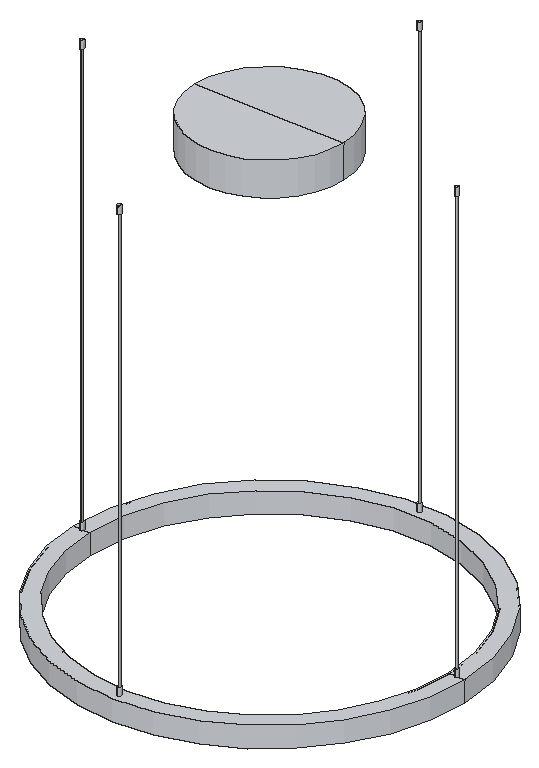
Revit family "Alcon-12253-Revit-Family", category Generic Models, host Ceiling, Revit 2025
Family settings
  Host = Ceiling
  Can host rebar = No
  Round Connector Dimension = Use Diameter
  Part Type = Normal
  Always vertical = Yes
  Cut with Voids When Loaded = No
  Maintain Annotation Orientation = No
  Shared = No
  Room Calculation Point = No
Parameters
  Default Elevation = 0' - 0"
Reference planes (in)
  plane 1 "Center (Front/Back)": y = 0
  plane 2 "Ceiling": z = 96
  plane 3 "Center (Left/Right)": x = 0
Forms (in)
  Revolve 1, solid
    sketch origin (0, 0, 0) x (1, 0, 0) y (0, 0, 1)
      loop
        line (0, 96) -> (0, 93.75) -> (5, 93.75) -> (5, 96) -> (0, 96)
      axis (0, 96) -> (0, 93.75)
    angle from 0 to 360
  Revolve 2, solid
    sketch origin (0, 0, 0) x (1, 0, 0) y (0, 0, 1)
      loop
        line (12, 66.65) -> (12, 65.25) -> (12.0625, 65.25) -> (12.0625, 66.5875) -> (13.0375, 66.5875) -> (13.0375, 65.25) -> (13.1, 65.25) -> (13.1, 66.65) -> (12, 66.65)
      axis (0, 65.25) -> (0, 66.65)
    angle from 0 to 360
  Revolve 3, solid
    sketch origin (0, 0, 0) x (1, 0, 0) y (0, 0, 1)
      loop
        line (12.0625, 65.25) -> (13.0375, 65.25) -> (13.0375, 65.3125) -> (12.0625, 65.3125) -> (12.0625, 65.25)
      axis (0, 65.25) -> (0, 65.3125)
    angle from 0 to 360
  Revolve 4, solid
    sketch origin (0, -25.1, 0) x (0, 1, 0) y (0, 0, 1)
      loop
        line (12.55011, 66.65) -> (12.67511, 66.65) -> (12.67511, 67.1208) -> (12.55011, 67.1208) -> (12.55011, 66.65)
      axis (12.55011, 67.1208) -> (12.55011, 66.65)
    angle from 0 to 360
  Extrusion 5, solid
    sketch origin (0, -12.55, 92.90344) x (0, 1, 0) y (1, 0, 0)
      loop
        circle (0, 0) r 0.04922
    from -2.62576 to 25.78265
  Revolve 6, solid
    sketch origin (0, -25.1, 28.8792) x (0, 1, 0) y (0, 0, 1)
      loop
        line (12.55011, 66.65) -> (12.67511, 66.65) -> (12.67511, 67.1208) -> (12.55011, 67.1208) -> (12.55011, 66.65)
      axis (12.55011, 67.1208) -> (12.55011, 66.65)
    angle from 0 to 360
  Revolve 7, solid
    sketch origin (0, 0.00244, 0) x (0, 1, 0) y (0, 0, 1)
      loop
        line (12.55011, 66.65) -> (12.67511, 66.65) -> (12.67511, 67.1208) -> (12.55011, 67.1208) -> (12.55011, 66.65)
      axis (12.55011, 67.1208) -> (12.55011, 66.65)
    angle from 0 to 360
  Extrusion 8, solid
    sketch origin (0, 12.55244, 92.90344) x (0, 1, 0) y (1, 0, 0)
      loop
        circle (0, 0) r 0.04922
    from -2.62576 to 25.78265
  Revolve 9, solid
    sketch origin (0, 0.00244, 28.8792) x (0, 1, 0) y (0, 0, 1)
      loop
        line (12.55011, 66.65) -> (12.67511, 66.65) -> (12.67511, 67.1208) -> (12.55011, 67.1208) -> (12.55011, 66.65)
      axis (12.55011, 67.1208) -> (12.55011, 66.65)
    angle from 0 to 360
  Revolve 10, solid
    sketch origin (12.54785, -12.55011, 0) x (0, 1, 0) y (0, 0, 1)
      loop
        line (12.55011, 66.65) -> (12.67511, 66.65) -> (12.67511, 67.1208) -> (12.55011, 67.1208) -> (12.55011, 66.65)
      axis (12.55011, 67.1208) -> (12.55011, 66.65)
    angle from 0 to 360
  Extrusion 11, solid
    sketch origin (12.54785, -0.00011, 92.90344) x (0, 1, 0) y (1, 0, 0)
      loop
        circle (0, 0) r 0.04922
    from -2.62576 to 25.78265
  Revolve 12, solid
    sketch origin (12.54785, -12.55011, 28.8792) x (0, 1, 0) y (0, 0, 1)
      loop
        line (12.55011, 66.65) -> (12.67511, 66.65) -> (12.67511, 67.1208) -> (12.55011, 67.1208) -> (12.55011, 66.65)
      axis (12.55011, 67.1208) -> (12.55011, 66.65)
    angle from 0 to 360
  Revolve 13, solid
    sketch origin (-12.55215, -12.55011, 0) x (0, 1, 0) y (0, 0, 1)
      loop
        line (12.55011, 66.65) -> (12.67511, 66.65) -> (12.67511, 67.1208) -> (12.55011, 67.1208) -> (12.55011, 66.65)
      axis (12.55011, 67.1208) -> (12.55011, 66.65)
    angle from 0 to 360
  Extrusion 14, solid
    sketch origin (-12.55215, -0.00011, 92.90344) x (0, 1, 0) y (1, 0, 0)
      loop
        circle (0, 0) r 0.04922
    from -2.62576 to 25.78265
  Revolve 15, solid
    sketch origin (-12.55215, -12.55011, 28.8792) x (0, 1, 0) y (0, 0, 1)
      loop
        line (12.55011, 66.65) -> (12.67511, 66.65) -> (12.67511, 67.1208) -> (12.55011, 67.1208) -> (12.55011, 66.65)
      axis (12.55011, 67.1208) -> (12.55011, 66.65)
    angle from 0 to 360
Dimensions and locks (in)
  equal spacing: host sketch curve, plane 3 "Center (Left/Right)", host sketch curve
  equal spacing: host sketch curve, plane 1 "Center (Front/Back)", host sketch curve
  host sketch curve to host sketch curve = 10' - 0"  (x2)
  aligned and locked: Extrusion 5 to Revolve 4
  aligned and locked: Revolve 6 to Extrusion 5
  aligned and locked: Extrusion 8 to Revolve 7
  aligned and locked: Revolve 9 to Extrusion 8
  aligned and locked: Extrusion 11 to Revolve 10
  aligned and locked: Revolve 12 to Extrusion 11
  aligned and locked: Extrusion 14 to Revolve 13
  aligned and locked: Revolve 15 to Extrusion 14
